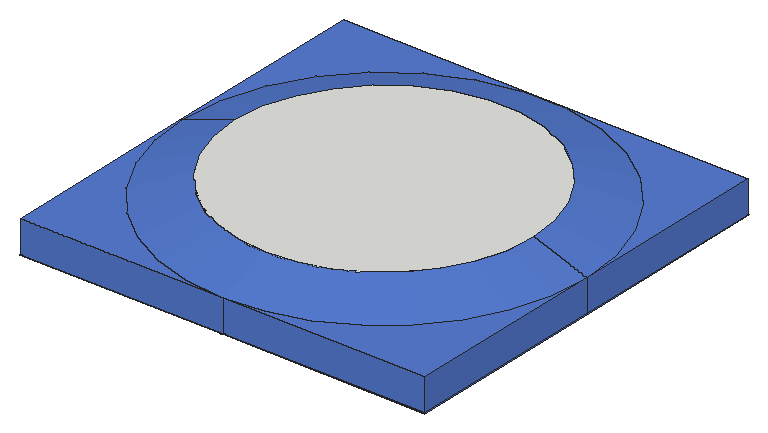
Revit family "ASL10S", category Lighting Fixtures, host Face, Revit 2014
Parameters (values of type "Recessed")
  second end = Length + 0.01"  # 0.01"
  Wattage = 9.2903 W
  Warranty = "5-Years Warranty"  # constant formula
  built-in parameter 1150110 = 1 (stored number, unit not read)
  Voltage = 120 V
  Type Comments = "Lighting Fixture"  # constant formula
  built-in parameter 1114217 = 1 (stored number, unit not read)
  Tilt Angle = -120.00°
  built-in parameter 1150109 = 1 (stored number, unit not read)
  built-in parameter 1150134 = 3
  built-in parameter 1150113 = 1 (stored number, unit not read)
  Product Page URL = "https://www.hubbell.com/hubbelllightingci/en/Products/Lighting-Controls/Commercial-Outdoor-Lighting/Step-Lights/Steplights---10-Large/p/220846"
  Product Documentation Link = "https://hubbellcdn.com/specsheet/aal_asl10s_spec.pdf"
  Power Factor = 1
  Photometric Web File = "ASL10-RD-EYE-50MH (1).IES"
  Photometric Notes = "More IES files download on Photometric Link"  # constant formula
  Photometric Link = "https://www.hubbell.com/hubbelllightingci/en/Products/Lighting-Controls/Emergency-Exit-Lighting/Emergency-Lighting-Units/CRU/p/2126540"
  Wattage Comments = "12W"
  URL = "https://www.hubbell.com/architecturalarealighting/en/"
  Mounting = "Wall"  # constant formula
  Model = "Steplights 10 Large"  # constant formula
  Manufacturer = "Architectural Arealighting"  # constant formula
  built-in parameter 1150105 = 109.82 (stored number, unit not read)
  Lumens = 1380 lm
  built-in parameter 1150115 = 1 (stored number, unit not read)
  Load Classification = Lighting
  built-in parameter 1150137 = (empty or 0)
  built-in parameter 1150139 = (empty or 0)
  Length = 0.00"
  built-in parameter 1150112 = 1 (stored number, unit not read)
  built-in parameter 1150114 = 1 (stored number, unit not read)
  Lamp = "LED"  # constant formula
  built-in parameter 1150132 = (empty or 0)
  built-in parameter 1150102 = (empty or 0)
  built-in parameter 1150107 = 3200 (stored number, unit not read)
  built-in parameter 1150138 = (empty or 0)
  built-in parameter 1150106 = 1.0982 (stored number, unit not read)
  Glass = Glass - Hubbell - White
  First end = 0.85"
  Fascia Design [instance] = Fascia : Frosted Lens
  Emit from Circle Diameter = 11.00"
  Emit Shape Visible in Rendering = no
  built-in parameter 1150104 = 13.8 (stored number, unit not read)
  Dimming Lamp Color Temperature Shift = <None>
  Description = "The Steplights collection brings you a full palette of designs with exceptional lighting performance. Choose from 2 shapes, 2 materials, 2 sizes, 3 fascia designs, and 3 mounting options to best suit your applications. AAL's large Steplights is available with a 10-watt energy-efficient and long life LED system"  # constant formula
  Default Elevation = 48.00"
  Create Date = "10/03/2018"  # constant formula
  Copyright = "Copyright © 2018 Architectural Arealighting"  # constant formula
  Contact Us = "https://www.hubbell.com/hubbelllightingci/en/contactUs?productId=220846"
  Housing Material = Metal - Hubbell - Aluminum, Anodized Blue
  Color Filter = 16777215
  built-in parameter 1114218 = 1 (stored number, unit not read)
  built-in parameter 1150133 = 10 (stored number, unit not read)
  Assembly Code = "D5020200"
  Apparent Load = 0 VA
Reference planes (in)
  plane 1 "Center (Front/Back)": y = 13.01342
  plane 2: z = 0
  plane 3 "Center (Left/Right)": x = 0
  plane 4: z = 4
  plane 5: z = 9.2
Forms (in)
  Extrusion 1, solid, material "Metal - Hubbell - Aluminum, Anodized Blue" <- "Housing Material"
    sketch origin (0, -0.125, 0) x (1, 0, 0) y (0, 1, 0)
      loop
        line (-5.25, 18.38842) -> (-5.25, 13.13842) -> (-5.25, 7.88842) -> (0, 7.88842) -> (5.25, 7.88842) -> (5.25, 13.13842) -> (5.25, 18.38842) -> (0, 18.38842) -> (-5.25, 18.38842)
    from 0 to 0.01 <- "second end"
Lines and regions (in)
  reference lines
    curve 1: line (-11.5, 13.01342, 0) -> (14.25, 13.01342, 0)
Dimensions and locks (in)
  "Length": curve 1 to plane 2
  plane 5 to plane 4 to plane 2 = 5.20", 4.00"
  plane 5 to plane 2 = 9.20"
  nested 1 to curve 1 = 1.40"
  aligned and locked: plane 2 to host face
  aligned and locked: level to host face
  aligned and locked: plane 3 "Center (Left/Right)" to nested 1
  aligned and locked: curve 1 to nested 1
Automatic sketch dimensions
  host sketch curve to host sketch curve = 96.00"  (x2)
  plane 1 "Center (Front/Back)" to Extrusion 1 sketch curve = 0.00"  (x2)
  Extrusion 1 sketch curve to plane 3 "Center (Left/Right)" = 0.00"  (x2)
  Extrusion 1 sketch curve to plane 1 "Center (Front/Back)" = 5.25"
  Extrusion 1 sketch curve to plane 3 "Center (Left/Right)" = 5.25"
  Extrusion 1 sketch curve to Extrusion 1 sketch curve = 5.25"
  plane 1 "Center (Front/Back)" to Extrusion 1 sketch curve = 5.25"
  curve 1 to plane 3 "Center (Left/Right)" = 11.50"
  plane 3 "Center (Left/Right)" to curve 1 = 14.25"
Nested families (in)
  nested 1: "Fascia" at (0, 13.01342, 0), type <- "Fascia Design", type "Frosted Lens"
Definition of nested family "Fascia"
  Parameters (values of type "Cross Frosted Lens")
    second end = 1.31"
    RD-Eye Eyelid = no
    Linear Spread = no
    Glass = Glass - Hubbell - White
    First end = 0.85"
    Face Material = Metal-Hubbell-Aluminum Anodized Blue
    Cross = yes
  Types (5): name | RD-Eye Eyelid | Linear Spread | Glass | Cross
    Frosted Lens | no | no | Steel, Non-Alloy | no
    Linear Spread lens | no | yes | Glass - Hubbell - White | no
    Cross Frosted Lens | no | no | Glass - Hubbell - White | yes
    Cross Linear Spread lens | no | yes | Glass - Hubbell - White | yes
    RD Eye Eyelid | yes | yes | Glass - Hubbell - White | no
  Reference planes (in)
    plane 1 "Center (Front/Back)": y = 0
    plane 2: z = 0
    plane 3 "Center (Left/Right)": x = 0
  Forms (in)
    Extrusion 1, solid, material "Metal-Hubbell-Aluminum Anodized Blue" <- "Face Material"
      sketch origin (0, 0, 0) x (1, 0, 0) y (0, 1, 0)
        loop
          line (-5.25, 5.25) -> (-5.25, 0) -> (-5.25, -5.25) -> (0, -5.25) -> (5.25, -5.25) -> (5.25, 0) -> (5.25, 5.25) -> (0, 5.25) -> (-5.25, 5.25)
      from 0 to 0.85
    Blend 2, solid, material "Metal-Hubbell-Aluminum Anodized Blue" <- "Face Material"
      base sketch origin (0, 0, 0.85) x (1, 0, 0) y (0, 1, 0)
        loop
          circle (0, 0) r 5.25
      top sketch origin (0, 0, 0.85) x (1, 0, 0) y (0, 1, 0)
        loop
          circle (0, 0) r 3.875
      from 0 to 0.46
    Extrusion 3, solid, material "Metal-Hubbell-Aluminum Anodized Blue" <- "Face Material", visible <- "Cross"
      sketch origin (0, 0, 0) x (1, 0, 0) y (0, 1, 0)
        loop
          line (-0.22051, 3.86872) -> (-0.22051, 0.2159) -> (-3.87333, 0.21235) -> (-3.87291, -0.22034) -> (-0.22051, -0.21679) -> (-0.22051, -3.86919) -> (0.21218, -3.86919) -> (0.21218, -0.21637) -> (3.865, -0.21281) -> (3.86457, 0.21988) -> (0.21218, 0.21632) -> (0.21218, 3.86872) -> (-0.22051, 3.86872)
      from 1.31 to 1.4
    Revolve 4, solid, material "Metal-Hubbell-Aluminum Anodized Blue" <- "Face Material", visible <- "RD-Eye Eyelid"
      sketch origin (0, 0, 0) x (1, 0, 0) y (0, 1, 0)
        loop
          line (-4.19033, 0) -> (-4.11052, 0)
          arc (-4.11052, 0) -> (0, 4.11052) -> (4.11052, 0) r 4.11052
          line (4.11052, 0) -> (4.19033, 0)
          arc (4.19033, 0) -> (0, 4.19033) -> (-4.19033, 0) r 4.19033
        axis (4.19033, 0) -> (-4.19033, 0)
      angle from -90 to 0
    Extrusion 5, solid, material "Glass - Hubbell - White" <- "Glass", visible <- "Linear Spread"
      sketch origin (0, 0, 0) x (1, 0, 0) y (0, 1, 0)
        loop
          circle (0, 0) r 3.875
      from 1.31 to 1.36098
    Extrusion 6, void
      sketch origin (0, 0, 0) x (1, 0, 0) y (0, 1, 0)
        loop
          arc (-3.82666, -0.61017) -> (-3.7992, -0.76271) -> (-3.76566, -0.91402) r 3.875
          line (-3.76566, -0.91402) -> (-3.76566, 0.91402)
          arc (-3.76566, 0.91402) -> (-3.7992, 0.76271) -> (-3.82666, 0.61017) r 3.875
          line (-3.82666, 0.61017) -> (-3.82666, -0.61017)
        loop
          arc (-3.57666, -1.49102) -> (-3.54684, -1.56063) -> (-3.51566, -1.62965) r 3.875
          line (-3.51566, -1.62965) -> (-3.51566, 1.62965)
          arc (-3.51566, 1.62965) -> (-3.54684, 1.56063) -> (-3.57666, 1.49102) r 3.875
          line (-3.57666, 1.49102) -> (-3.57666, -1.49102)
        loop
          arc (-3.28311, -2.05836) -> (-3.25295, -2.1057) -> (-3.22211, -2.15259) r 3.875
          line (-3.22211, -2.15259) -> (-3.22211, 2.15259)
          arc (-3.22211, 2.15259) -> (-3.25295, 2.1057) -> (-3.28311, 2.05836) r 3.875
          line (-3.28311, 2.05836) -> (-3.28311, -2.05836)
        loop
          arc (-3.03311, -2.41162) -> (-3.00284, -2.4492) -> (-2.97211, -2.4864) r 3.875
          line (-2.97211, -2.4864) -> (-2.97211, 2.4864)
          arc (-2.97211, 2.4864) -> (-3.00284, 2.4492) -> (-3.03311, 2.41162) r 3.875
          line (-3.03311, 2.41162) -> (-3.03311, -2.41162)
        loop
          arc (-2.78311, -2.69628) -> (-2.75278, -2.72724) -> (-2.72211, -2.75785) r 3.875
          line (-2.72211, -2.75785) -> (-2.72211, 2.75785)
          arc (-2.72211, 2.75785) -> (-2.75278, 2.72724) -> (-2.78311, 2.69628) r 3.875
          line (-2.78311, 2.69628) -> (-2.78311, -2.69628)
        loop
          arc (-2.53311, -2.9324) -> (-2.50274, -2.95836) -> (-2.47211, -2.98401) r 3.875
          line (-2.47211, -2.98401) -> (-2.47211, 2.98401)
          arc (-2.47211, 2.98401) -> (-2.50274, 2.95836) -> (-2.53311, 2.9324) r 3.875
          line (-2.53311, 2.9324) -> (-2.53311, -2.9324)
        loop
          arc (-2.28311, -3.13098) -> (-2.25271, -3.15292) -> (-2.22211, -3.17457) r 3.875
          line (-2.22211, -3.17457) -> (-2.22211, 3.17457)
          arc (-2.22211, 3.17457) -> (-2.25271, 3.15292) -> (-2.28311, 3.13098) r 3.875
          line (-2.28311, 3.13098) -> (-2.28311, -3.13098)
        loop
          arc (-2.03311, -3.2988) -> (-2.00269, -3.31736) -> (-1.97211, -3.33563) r 3.875
          line (-1.97211, -3.33563) -> (-1.97211, 3.33563)
          arc (-1.97211, 3.33563) -> (-2.00269, 3.31736) -> (-2.03311, 3.2988) r 3.875
          line (-2.03311, 3.2988) -> (-2.03311, -3.2988)
        loop
          arc (-1.78311, -3.44037) -> (-1.75267, -3.45597) -> (-1.72211, -3.47131) r 3.875
          line (-1.72211, -3.47131) -> (-1.72211, 3.47131)
          arc (-1.72211, 3.47131) -> (-1.75267, 3.45597) -> (-1.78311, 3.44037) r 3.875
          line (-1.78311, 3.44037) -> (-1.78311, -3.44037)
        loop
          arc (-1.53311, -3.55882) -> (-1.50266, -3.57178) -> (-1.47211, -3.58448) r 3.875
          line (-1.47211, -3.58448) -> (-1.47211, 3.58448)
          arc (-1.47211, 3.58448) -> (-1.50266, 3.57178) -> (-1.53311, 3.55882) r 3.875
          line (-1.53311, 3.55882) -> (-1.53311, -3.55882)
        loop
          arc (-1.28311, -3.6564) -> (-1.25265, -3.66695) -> (-1.22211, -3.67724) r 3.875
          line (-1.22211, -3.67724) -> (-1.22211, 3.67724)
          arc (-1.22211, 3.67724) -> (-1.25265, 3.66695) -> (-1.28311, 3.6564) r 3.875
          line (-1.28311, 3.6564) -> (-1.28311, -3.6564)
        loop
          arc (-1.03311, -3.73474) -> (-1.00264, -3.74304) -> (-0.97211, -3.75108) r 3.875
          line (-0.97211, -3.75108) -> (-0.97211, 3.75108)
          arc (-0.97211, 3.75108) -> (-1.00264, 3.74304) -> (-1.03311, 3.73474) r 3.875
          line (-1.03311, 3.73474) -> (-1.03311, -3.73474)
        loop
          arc (-0.78311, -3.79505) -> (-0.75263, -3.80121) -> (-0.72211, -3.80712) r 3.875
          line (-0.72211, -3.80712) -> (-0.72211, 3.80712)
          arc (-0.72211, 3.80712) -> (-0.75263, 3.80121) -> (-0.78311, 3.79505) r 3.875
          line (-0.78311, 3.79505) -> (-0.78311, -3.79505)
        loop
          arc (-0.47283, -3.84604) -> (-0.44234, -3.84967) -> (-0.41183, -3.85305) r 3.875
          line (-0.41183, -3.85305) -> (-0.41183, 3.85305)
          arc (-0.41183, 3.85305) -> (-0.44234, 3.84967) -> (-0.47283, 3.84604) r 3.875
          line (-0.47283, 3.84604) -> (-0.47283, -3.84604)
        loop
          arc (-0.22283, -3.86859) -> (-0.19233, -3.87022) -> (-0.16183, -3.87162) r 3.875
          line (-0.16183, -3.87162) -> (-0.16183, 3.87162)
          arc (-0.16183, 3.87162) -> (-0.19233, 3.87022) -> (-0.22283, 3.86859) r 3.875
          line (-0.22283, 3.86859) -> (-0.22283, -3.86859)
        loop
          arc (0.04309, -3.87476) -> (0.08741, -3.87401) -> (0.13172, -3.87276) r 3.875
          line (0.13172, -3.87276) -> (0.13172, 3.87276)
          arc (0.13172, 3.87276) -> (0.08741, 3.87401) -> (0.04309, 3.87476) r 3.875
          line (0.04309, 3.87476) -> (0.04309, -3.87476)
        loop
          arc (0.32072, -3.8617) -> (0.35123, -3.85905) -> (0.38172, -3.85615) r 3.875
          line (0.38172, -3.85615) -> (0.38172, 3.85615)
          arc (0.38172, 3.85615) -> (0.35123, 3.85905) -> (0.32072, 3.8617) r 3.875
          line (0.32072, 3.8617) -> (0.32072, -3.8617)
        loop
          arc (0.57072, -3.83274) -> (0.60124, -3.82807) -> (0.63172, -3.82316) r 3.875
          line (0.63172, -3.82316) -> (0.63172, 3.82316)
          arc (0.63172, 3.82316) -> (0.60124, 3.82807) -> (0.57072, 3.83274) r 3.875
          line (0.57072, 3.83274) -> (0.57072, -3.83274)
        loop
          arc (0.82072, -3.78709) -> (0.85125, -3.78034) -> (0.88172, -3.77335) r 3.875
          line (0.88172, -3.77335) -> (0.88172, 3.77335)
          arc (0.88172, 3.77335) -> (0.85125, 3.78034) -> (0.82072, 3.78709) r 3.875
          line (0.82072, 3.78709) -> (0.82072, -3.78709)
        loop
          arc (1.07072, -3.72413) -> (1.10126, -3.71522) -> (1.13172, -3.70605) r 3.875
          line (1.13172, -3.70605) -> (1.13172, 3.70605)
          arc (1.13172, 3.70605) -> (1.10126, 3.71522) -> (1.07072, 3.72413) r 3.875
          line (1.07072, 3.72413) -> (1.07072, -3.72413)
        loop
          arc (1.32072, -3.64298) -> (1.35127, -3.63176) -> (1.38172, -3.62029) r 3.875
          line (1.38172, -3.62029) -> (1.38172, 3.62029)
          arc (1.38172, 3.62029) -> (1.35127, 3.63176) -> (1.32072, 3.64298) r 3.875
          line (1.32072, 3.64298) -> (1.32072, -3.64298)
        loop
          arc (1.57072, -3.54238) -> (1.60128, -3.52867) -> (1.63172, -3.5147) r 3.875
          line (1.63172, -3.5147) -> (1.63172, 3.5147)
          arc (1.63172, 3.5147) -> (1.60128, 3.52867) -> (1.57072, 3.54238) r 3.875
          line (1.57072, 3.54238) -> (1.57072, -3.54238)
        loop
          arc (1.82072, -3.42061) -> (1.8513, -3.40416) -> (1.88172, -3.38744) r 3.875
          line (1.88172, -3.38744) -> (1.88172, 3.38744)
          arc (1.88172, 3.38744) -> (1.8513, 3.40416) -> (1.82072, 3.42061) r 3.875
          line (1.82072, 3.42061) -> (1.82072, -3.42061)
        loop
          arc (2.07072, -3.27532) -> (2.10132, -3.25578) -> (2.13172, -3.23595) r 3.875
          line (2.13172, -3.23595) -> (2.13172, 3.23595)
          arc (2.13172, 3.23595) -> (2.10132, 3.25578) -> (2.07072, 3.27532) r 3.875
          line (2.07072, 3.27532) -> (2.07072, -3.27532)
        loop
          arc (2.32072, -3.1032) -> (2.35134, -3.08007) -> (2.38172, -3.05664) r 3.875
          line (2.38172, -3.05664) -> (2.38172, 3.05664)
          arc (2.38172, 3.05664) -> (2.35134, 3.08007) -> (2.32072, 3.1032) r 3.875
          line (2.32072, 3.1032) -> (2.32072, -3.1032)
        loop
          arc (2.57072, -2.89948) -> (2.60137, -2.87202) -> (2.63172, -2.84423) r 3.875
          line (2.63172, -2.84423) -> (2.63172, 2.84423)
          arc (2.63172, 2.84423) -> (2.60137, 2.87202) -> (2.57072, 2.89948) r 3.875
          line (2.57072, 2.89948) -> (2.57072, -2.89948)
        loop
          arc (2.74957, -2.73048) -> (2.78024, -2.69924) -> (2.81057, -2.66765) r 3.875
          line (2.81057, -2.66765) -> (2.81057, 2.66765)
          arc (2.81057, 2.66765) -> (2.78024, 2.69924) -> (2.74957, 2.73048) r 3.875
          line (2.74957, 2.73048) -> (2.74957, -2.73048)
        loop
          arc (2.99957, -2.45321) -> (3.03031, -2.41513) -> (3.06057, -2.37667) r 3.875
          line (3.06057, -2.37667) -> (3.06057, 2.37667)
          arc (3.06057, 2.37667) -> (3.03031, 2.41513) -> (2.99957, 2.45321) r 3.875
          line (2.99957, 2.45321) -> (2.99957, -2.45321)
        loop
          arc (3.29312, -2.0423) -> (3.32401, -1.99163) -> (3.35412, -1.94049) r 3.875
          line (3.35412, -1.94049) -> (3.35412, 1.94049)
          arc (3.35412, 1.94049) -> (3.32401, 1.99163) -> (3.29312, 2.0423) r 3.875
          line (3.29312, 2.0423) -> (3.29312, -2.0423)
        loop
          arc (3.54312, -1.56906) -> (3.57436, -1.49652) -> (3.60412, -1.42336) r 3.875
          line (3.60412, -1.42336) -> (3.60412, 1.42336)
          arc (3.60412, 1.42336) -> (3.57436, 1.49652) -> (3.54312, 1.56906) r 3.875
          line (3.54312, 1.56906) -> (3.54312, -1.56906)
        loop
          arc (3.79312, -0.79239) -> (3.8286, -0.59785) -> (3.85412, -0.40175) r 3.875
          line (3.85412, -0.40175) -> (3.85412, 0.40175)
          arc (3.85412, 0.40175) -> (3.8286, 0.59785) -> (3.79312, 0.79239) r 3.875
          line (3.79312, 0.79239) -> (3.79312, -0.79239)
      from 1.33466 to 1.36098
  Cuts and joins
    Extrusion 6 cuts Extrusion 1
    Extrusion 6 cuts Extrusion 5
  Dimensions and locks (in)
    aligned and locked: plane 2 to level
    aligned and locked: Extrusion 3 to Blend 2
